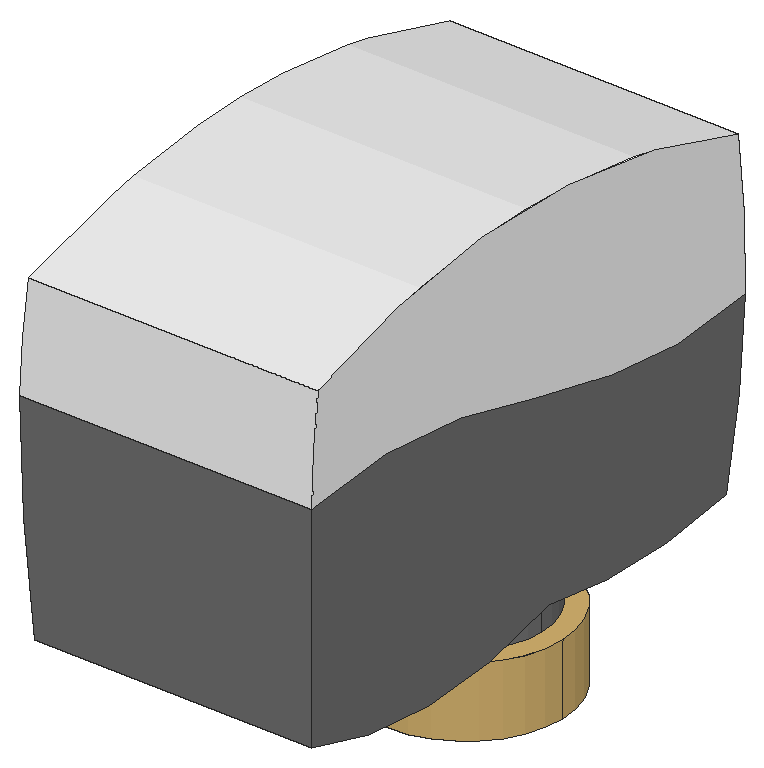
Revit family "AMV(E) 130_140 (X)_RFA_1", category Pipe Accessories, Revit 2019
Family settings
  Round Connector Dimension = Use Diameter
  Part Type = Normal
  OmniClass Number = 23.65.55.14.17
  OmniClass Title = Adjusting/Controlling Valves for Liquid Services
  Work Plane-Based = No
  Always vertical = Yes
  Cut with Voids When Loaded = No
  Shared = Yes
Parameters (values of type "AME 130_24V_1.5m_082H8044")
  Weight = 0.30 kg  # constant formula
  W3 = 28.8 mm
  W2 = 26 mm
  W1 = 33 mm
  W [instance] = 50 mm
  Voltage [instance] = 24 V
  URL = "https://store.danfoss.com/en/Climate-Solutions-for-heating/Motorised-Control-Valves/Actuators-for-Globe-Valves/Actuators-Without-Safety-Function/c/4109?q=%3Arelevance%3Adanfoss_producttypehierarchydesc%3AAME+130%3Adanfoss_producttypehierarchydesc%3AAME+140%3Adanfoss_producttypehierarchydesc%3AAMV+130%3Adanfoss_producttypehierarchydesc%3AAMV+140%3Adanfoss_producttypehierarchydesc%3AAME+140+X&text="
  Type Comments = ""
  Speed = "24 s/mm"
  Power [instance] = 1.3 VA
  Output Signal = "NA"
  Model Type = "AME 130_24V_1.5m"
  Model = "082H8044"
  Min Ambient Temperature = "0 °C"  # constant formula
  Max Stroke = 5.5 mm  # constant formula
  Max Medium Temperature = "130 °C"  # constant formula
  Max Ambient Temperature = "55 °C"  # constant formula
  Material = Danfoss Plastic White
  Manufacturer = "Danfoss"  # constant formula
  LOD 350 [instance] = not(LOD 200)  # yes
  LOD 200 [instance] = no
  L1 = 28.4 mm
  L [instance] = 92.4 mm
  IfcExportType = "AME 130"
  IfcExportAs = "IfcActuatorType"  # constant formula
  H1 = 12 mm
  H [instance] = 88.4 mm
  Description = "Gear Actuator"  # constant formula
  Control Input Signal = "0-10 V / 0-20 mA"
  Closing Force = "200 N"  # constant formula
  Cable Length = 1500 mm
  Body Material = Danfoss Plastic Dark Gray
Types (12, lengths in mm): name | Voltage | Speed | Power | Output Signal | Model Type | Model | IfcExportType | Control Input Signal | Cable Length
  AME 130_24V_1.5m_082H8044 | 24 V | "24 s/mm" | 1.3 VA | "NA" | "AME 130_24V_1.5m" | "082H8044" | "AME 130" | "0-10 V / 0-20 mA" | 1500
  AME 140_24V_1.5m_082H8045 | 24 V | "12 s/mm" | 1.3 VA | "NA" | "AME 140_24V_1.5m" | "082H8045" | "AME 140" | "0-10 V / 0-20 mA" | 1500
  AMV 130_230V_0.5m_IP_082H0050 | 230 V | "24 s/mm" | 8 VA | "NA" | "AMV 130_230V_0.5m_IP" | "082H0050" | "AMV 130" | "3-point" | 500
  AMV 130_24V_1.5m_082H8036 | 24 V | "24 s/mm" | 1 VA | "NA" | "AMV 130_24V_1.5m" | "082H8036" | "AMV 130" | "3-point" | 1500
  AMV 130_230V_1.5m_082H8037 | 230 V | "24 s/mm" | 8 VA | "NA" | "AMV 130_230V_1.5m" | "082H8037" | "AMV 130" | "3-point" | 1500
  AMV 130_24V_5m_082H8068 | 24 V | "24 s/mm" | 1 VA | "NA" | "AMV 130_24V_5m" | "082H8068" | "AMV 130" | "3-point" | 5000
  AMV 130_24V_10m_082H8070 | 24 V | "24 s/mm" | 1 VA | "NA" | "AMV 130_24V_10m" | "082H8070" | "AMV 130" | "3-point" | 10000
  AMV 140_24V_1.5m_082H8038 | 24 V | "12 s/mm" | 1 VA | "NA" | "AMV 140_24V_1.5m" | "082H8038" | "AMV 140" | "3-point" | 1500
  AMV 140_230V_1.5m_082H8039 | 230 V | "12 s/mm" | 8 VA | "NA" | "AMV 140_230V_1.5m" | "082H8039" | "AMV 140" | "3-point" | 1500
  AMV 140_24V_5m_082H8069 | 24 V | "12 s/mm" | 1 VA | "NA" | "AMV 140_24V_5m" | "082H8069" | "AMV 140" | "3-point" | 5000
  AMV 140_24V_10m_082H8071 | 24 V | "12 s/mm" | 1 VA | "NA" | "AMV 140_24V_10m" | "082H8071" | "AMV 140" | "3-point" | 10000
  AME 140 X_24V_1.5m_082H8065 | 24 V | "12 s/mm" | 1.5 VA | "0-10 V" | "AME 140 X_24V_1.5m" | "082H8065" | "AME 140 X" | "0-10 V / 0-20 mA" | 1500
Reference planes
  plane 1 "Center (Front/Back)": y = 0
  plane 2: z = 0
  plane 3 "Center (Left/Right)": x = 0
  plane 4: z = 12
  plane 5: y = -64
  plane 6: y = 28.4
  plane 7: z = 88.4
  plane 8: x = 25
  plane 9: x = -25
  plane 10: x = -16.5
  plane 11: x = 16.5
  plane 12: z = 32
  plane 13: x = -13
  plane 14: x = 13
  plane 15: x = -14.4
  plane 16: x = 14.4
  plane 17 "Plane Bottom": z = 17.2
  plane 18: y = 25.9
  plane 19: y = 27.4
  plane 20: z = 80.4
  plane 21: y = -62.5
  plane 22: z = 23.2
  plane 23: z = 25.4
  plane 24: z = 55.5
  plane 25: z = 63
  plane 26: z = 64.5
  plane 27: z = 54
  plane 28: z = 20.7
  plane 29: y = -26
  plane 30: y = -38.5
  plane 31: z = 86.9
  plane 32: x = -24.5
  plane 33: x = 24.5
  plane 34: x = -23.5
  plane 35: x = 23.5
  plane 36: x = -27
  plane 37: x = 27
  plane 38: y = 27.9
  plane 39: x = -22.5
  plane 40: y = -63.5
  plane 41: x = 22.5
Forms (mm)
  Extrusion 1, solid, material "Danfoss Brass", detail levels fine
    sketch origin (0, 0, 0) x (1, 0, 0) y (0, 1, 0)
      loop
        circle (0, 0) r 16.5
    from 0 to 12
  Revolve 2, solid, material "Danfoss Plastic Dark Gray" <- "Body Material", visible <- "LOD 350", detail levels fine
    sketch origin (0, 0, 0) x (1, 0, 0) y (0, 0, 1)
      loop
        line (-14.4, 17.2) -> (-13, 17.2) -> (-13, 12) -> (0, 12) -> (0, 32) -> (-14.4, 32) -> (-14.4, 17.2)
      axis (0, 32) -> (0, 12)
    angle from 0 to 360
  Extrusion 3, solid, material "Danfoss Plastic Dark Gray" <- "Body Material", visible <- "LOD 350", detail levels fine
    sketch origin (0, 0, 0) x (0, 1, 0) y (0, 0, 1)
      loop
        arc (-64, 63) -> (-63.628, 44.185) -> (-62.5, 25.4) r 467.805
        arc (-62.5, 25.4) -> (-37.155, 20.685) -> (-11.757, 25.101) r 72.777
        arc (-11.757, 25.101) -> (7.088, 23.201) -> (25.9, 25.4) r 87.494
        arc (25.9, 25.4) -> (27.789, 40.397) -> (28.4, 55.5) r 178.069
        arc (28.4, 55.5) -> (14.2, 54) -> (0, 55.5) r 67.953
        arc (0, 55.5) -> (-16.037, 59.092) -> (-31.999, 63) r 834.074
        arc (-31.999, 63) -> (-48, 64.5) -> (-64, 63) r 86.072
    from -27 to 27
  Extrusion 4, solid, material "Danfoss Plastic White" <- "Material", visible <- "LOD 350", detail levels fine
    sketch origin (0, 0, 0) x (0, 1, 0) y (0, 0, 1)
      loop
        arc (-62.5, 80.4) -> (-63.467, 71.719) -> (-64, 63) r 175.37
        arc (-64, 63) -> (-48, 64.5) -> (-31.999, 63) r 86.072
        arc (-31.999, 63) -> (-16.037, 59.092) -> (0, 55.5) r 834.074
        arc (0, 55.5) -> (14.2, 54) -> (28.4, 55.5) r 67.953
        arc (28.4, 55.5) -> (28.204, 67.962) -> (27.4, 80.4) r 255.314
        arc (27.4, 80.4) -> (-17.55, 88.505) -> (-62.5, 80.4) r 128.693
    from -27 to 27
  Extrusion 5, solid, material "Danfoss Plastic Dark Gray" <- "Body Material", visible <- "LOD 350", detail levels fine
    sketch origin (0, 0, 17.2) x (-1, 0, 0) y (0, -1, 0)
      loop
        line (-2.173, 26) -> (-2.173, 38.5) -> (-9.373, 38.5) -> (-9.373, 26) -> (-2.173, 26)
    from 0 to 8.2
  Extrusion 6, void
    sketch origin (0, 0, 0) x (1, 0, 0) y (0, 0, 1)
      loop
        line (-24.358, 89.4) -> (24.197, 89.4)
        arc (24.197, 89.4) -> (24.826, 53.28) -> (23.013, 17.2) r 534.228
        line (23.013, 17.2) -> (29.5, 17.2) -> (29.5, 93.4) -> (-30, 93.4) -> (-30, 17.2) -> (-23.022, 17.2)
        arc (-23.022, 17.2) -> (-24.911, 53.277) -> (-24.358, 89.4) r 534.166
    from -39.301 to 75.38
  Revolve 7, solid, material "Danfoss Plastic Dark Gray" <- "Body Material", visible <- "LOD 200", detail levels fine
    sketch origin (0, 0, 0) x (1, 0, 0) y (0, 0, 1)
      loop
        line (-13, 12) -> (0, 12) -> (0, 32) -> (-13, 32) -> (-13, 12)
      axis (0, 12) -> (0, 32)
    angle from 0 to 360
  Blend 8, solid, material "Danfoss Plastic Dark Gray" <- "Body Material", visible <- "LOD 200", detail levels fine
    base sketch origin (0, 0, 0) x (1, 0, 0) y (0, 1, 0)
      loop
        line (-23.667, -62.5) -> (23.5, -62.5) -> (23.5, 25.9) -> (-23.667, 25.9) -> (-23.667, -62.5)
    top sketch origin (0, 0, 0) x (1, 0, 0) y (0, 1, 0)
      loop
        line (-24.948, 28.4) -> (-24.948, -64) -> (24.898, -64) -> (24.898, 28.4) -> (-24.948, 28.4)
    from 25.4 to 63
  Blend 9, solid, material "Danfoss Plastic White" <- "Material", visible <- "LOD 200", detail levels fine
    base sketch origin (0, 0, 0) x (1, 0, 0) y (0, 1, 0)
      loop
        line (-24.948, 28.4) -> (-24.948, -64) -> (24.898, -64) -> (24.898, 28.4) -> (-24.948, 28.4)
    top sketch origin (0, 0, 0) x (1, 0, 0) y (0, 1, 0)
      loop
        line (-24.724, 27.4) -> (-24.724, -62.5) -> (24.582, -62.5) -> (24.582, 27.4) -> (-24.724, 27.4)
    from 63 to 88.4
Cuts and joins
  Extrusion 6 cuts Extrusion 3
  Extrusion 6 cuts Extrusion 4
Dimensions and locks
  plane 5 to plane 6 = 92.4 mm
  equal spacing: plane 8, plane 3 "Center (Left/Right)", plane 9
  "W": plane 8 to plane 9
  plane 7 to level = 88.4 mm
  "H1": plane 4 to level
  equal spacing: plane 11, plane 3 "Center (Left/Right)", plane 10
  "W1": plane 11 to plane 10
  equal spacing: plane 14, plane 3 "Center (Left/Right)", plane 13
  "W2": plane 14 to plane 13
  equal spacing: plane 16, plane 3 "Center (Left/Right)", plane 15
  "W3": plane 16 to plane 15
  "L1": plane 1 "Center (Front/Back)" to plane 6
  plane 12 to level = 32 mm
  plane 17 "Plane Bottom" to plane 4 = 5.2 mm
  plane 17 "Plane Bottom" to level = 17.2 mm
  Extrusion 5 sketch curve to Extrusion 5 sketch curve = 7.2 mm
  plane 37 to plane 3 "Center (Left/Right)" to plane 36 = 27 mm, 27 mm
  "L": plane 6 to plane 5
  "H": plane 7 to level
  diameter of Extrusion 1 sketch curve = 33 mm
  aligned and locked: level to plane 2
  aligned and locked: plane 4 to Extrusion 1
  aligned and locked: plane 15 to Revolve 2 sketch curve
  aligned and locked: Revolve 2 sketch curve to plane 12
  aligned and locked: Revolve 2 sketch curve to plane 17 "Plane Bottom"
  aligned and locked: Revolve 2 sketch curve to plane 13
  aligned and locked: Revolve 2 sketch curve to plane 4
  aligned and locked: plane 3 "Center (Left/Right)" to Revolve 2 sketch curve
  aligned and locked: Revolve 2 sketch curve to Revolve 2 sketch curve
  aligned and locked: Extrusion 5 sketch curve to plane 30
  aligned and locked: plane 29 to Extrusion 5 sketch curve
  aligned and locked: plane 23 to Extrusion 5
  aligned and locked: Extrusion 4 to plane 36
  aligned and locked: plane 37 to Extrusion 4
  aligned and locked: Extrusion 6 sketch curve to plane 17 "Plane Bottom"
  aligned and locked: Revolve 7 sketch curve to plane 4
  aligned and locked: Revolve 7 sketch curve to plane 13
  aligned and locked: Revolve 7 sketch curve to plane 3 "Center (Left/Right)"
  aligned and locked: Revolve 7 sketch curve to plane 12
  aligned and locked: Revolve 7 sketch curve to Revolve 7 sketch curve  (x2)
  aligned and locked: Blend 8 sketch curve to cut or joined group of Extrusion 3, Extrusion 6  (x4)
  aligned and locked: Blend 8 sketch curve to plane 18
  aligned and locked: Blend 8 sketch curve to plane 35
  aligned and locked: Blend 8 to plane 23
  aligned and locked: plane 25 to Blend 8
  aligned and locked: Blend 9 sketch curve to Blend 8  (x4)
  aligned and locked: Blend 9 sketch curve to cut or joined group of Extrusion 4, Extrusion 6  (x4)
  aligned and locked: Blend 9 to plane 25
  aligned and locked: plane 7 to Blend 9
Automatic sketch dimensions
  plane 1 "Center (Front/Back)" to Extrusion 1 sketch curve = 0 mm
  Extrusion 1 sketch curve to plane 3 "Center (Left/Right)" = 0 mm
  Revolve 2 sketch curve to plane 4 = 0 mm
  Revolve 2 sketch curve to plane 12 = 0 mm
  Extrusion 3 sketch curve to plane 5 = 0 mm
  Extrusion 3 sketch curve to plane 21 = 0 mm
  Extrusion 3 sketch curve to plane 25 = 0 mm  (x2)
  Extrusion 3 sketch curve to plane 1 "Center (Front/Back)" = 0 mm  (x2)
  Extrusion 3 sketch curve to plane 18 = 0 mm
  Extrusion 3 sketch curve to plane 6 = 0 mm
  Extrusion 3 sketch curve to plane 23 = 0 mm  (x2)
  Extrusion 3 sketch curve to plane 24 = 0 mm  (x2)
  Extrusion 3 sketch curve to plane 24 = 0.364 mm
  Extrusion 3 sketch curve to plane 21 = 14.5 mm
  plane 7 to Extrusion 3 sketch curve = 5.06 mm
  Extrusion 3 sketch curve to plane 21 = 25.773 mm
  Extrusion 3 sketch curve to plane 1 "Center (Front/Back)" = 6.393 mm
  Extrusion 3 sketch curve to plane 6 = 145.895 mm
  Extrusion 3 sketch curve to plane 25 = 0.167 mm
  Extrusion 3 sketch curve to level = 21.572 mm
  Extrusion 3 sketch curve to Extrusion 3 sketch curve = 11.261 mm
  Extrusion 4 sketch curve to plane 5 = 0 mm
  Extrusion 4 sketch curve to plane 20 = 0 mm  (x2)
  Extrusion 4 sketch curve to plane 21 = 0 mm
  Extrusion 4 sketch curve to plane 19 = 0 mm
  Extrusion 4 sketch curve to plane 6 = 0 mm
  Extrusion 4 sketch curve to plane 24 = 0 mm  (x2)
  Extrusion 4 sketch curve to plane 25 = 0 mm  (x2)
  plane 24 to Extrusion 4 sketch curve = 2.217 mm
  plane 24 to Extrusion 4 sketch curve = 1.156 mm
  Extrusion 4 sketch curve to level = 40.188 mm
  Extrusion 4 sketch curve to plane 21 = 14.5 mm
  Extrusion 4 sketch curve to level = 21.572 mm
  Extrusion 4 sketch curve to plane 1 "Center (Front/Back)" = 0 mm  (x2)
  Extrusion 4 sketch curve to plane 6 = 145.895 mm
  plane 3 "Center (Left/Right)" to Extrusion 5 sketch curve = 2.173 mm
  plane 34 to Extrusion 6 sketch curve = 0.478 mm
  plane 35 to Extrusion 6 sketch curve = 0.487 mm
  Extrusion 6 sketch curve to plane 33 = 0.303 mm
  Extrusion 6 sketch curve to plane 25 = 0.963 mm
  plane 25 to Extrusion 6 sketch curve = 0.156 mm
  Extrusion 6 sketch curve to plane 28 = 3.5 mm
  plane 7 to Extrusion 6 sketch curve = 5 mm
  plane 8 to Extrusion 6 sketch curve = 4.5 mm
  Extrusion 6 sketch curve to plane 36 = 3 mm
  plane 32 to Extrusion 6 sketch curve = 0.142 mm
  plane 7 to Extrusion 6 sketch curve = 1 mm
  Revolve 7 sketch curve to plane 12 = 0 mm
  Blend 8 sketch curve to plane 5 = 0 mm
  Blend 8 sketch curve to plane 8 = 0.102 mm
